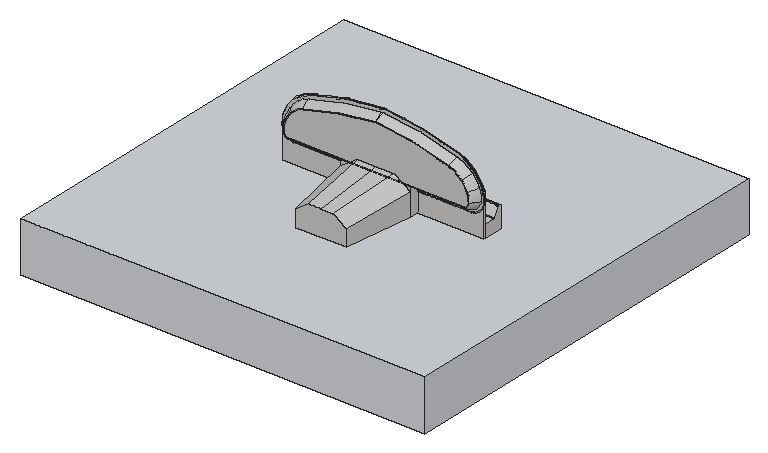
Revit family
Parameters (values of type "3403-1")
  Waste Connection = yes
  WFU = 0
  Vent Connection = no
  VP - Vinylclad Housing Color: Black (Standard), Gray, White = no
  URL = "http://www.acorneng.com/"
  Type Comments = ""
  ST - Single Temperature Valve = no
  SPX - 16 Gage Stainless Steel Housing = no
  SO-BAT- Sensor Operation (Batteries Not Included) = no
  SO - Sensor Operation = no
  Revised Date = "12/06/2014"
  Phone# = "626-336-4561"
  PPZ - Programmable Piezo Push button Electronic Metering = no
  Model = "3403-1"
  Material = Stainless Steel
  Manufacturer = "Acorn "
  JH31 - 31" Junior Rim Height = no
  HWFU = 0
  HW Connection = yes
  HB - Hose Bibb, Specify: Left Side, RIght Side (Not ADA Compliant.) = no
  H - Hand Operation = no
  EG - Enviro-Glaze Color, Bowl and Sprayhead (Specify) = no
  Designed By = "ATS"
  Description = "Wash-Ware 3403 Elliptical 3 station"
  Default Elevation = 34"
  CWFU = 0
  CW Connection = yes
  Assembly Code = ""
  3403 - Elliptical, Three Station = yes
  1 - Off-Floor, Wall Outlet (1-1/2" OD Tail-Piece Provided Standard) = yes
Reference planes (in)
  plane 1 "Center (Front/Back)": y = 0
  plane 2: z = 0
  plane 3 "Center (Left/Right)": x = 0
  plane 4: x = 24
  plane 5: x = 6
  plane 6: x = -6
  plane 7: x = -24
  plane 8: y = -34
  plane 9: y = 4.5
  plane 10: z = 19.25
  plane 11: y = -18.74
  plane 12: x = 8.21875
  plane 13: x = -8.21875
  plane 14: x = 5.5
  plane 15: x = -4
  plane 16: x = 7.375
  plane 17: y = -5
  plane 18: x = -7.375
  plane 19: y = -15.5
Forms (in)
  Extrusion 1, solid
    sketch origin (0, 0, 0) x (1, 0, 0) y (0, 1, 0)
      loop
        line (-48, 48) -> (-48, -48) -> (48, -48) -> (48, 48) -> (-48, 48)
    from 0 to -12
  Extrusion 2, solid, material "Stainless Steel"
    sketch origin (0, 0, 0) x (1, 0, 0) y (0, 1, 0)
      loop
        line (-24, 4.5) -> (-24, 0) -> (24, 0) -> (24, 4.5) -> (-24, 4.5)
    from 0 to 0.66716
  Sweep 3, solid, material "Stainless Steel"
    path origin (0, -0.33045, 0) x (1, 0, 0) y (0, 0, 1)
      loop
        line (-20.84528, 4.66716) -> (20.84528, 4.66716)
        arc (20.84528, 4.66716) -> (23.03051, 5.54662) -> (23.9973, 7.69465) r 3.15458
        arc (23.9973, 7.69465) -> (23.89724, 9.2171) -> (23.4793, 10.68448) r 7.21548
        arc (23.4793, 10.68448) -> (22.76098, 12.09576) -> (21.80814, 13.36058) r 9.06989
        arc (21.80814, 13.36058) -> (20.01092, 14.89621) -> (17.87791, 15.91526) r 9.06989
        arc (17.87791, 15.91526) -> (9.12384, 18.15294) -> (0.15412, 19.24153) r 69.82865
        arc (0.15412, 19.24153) -> (0, 19.24585) -> (-0.15412, 19.24153) r 2.75217
        arc (-0.15412, 19.24153) -> (-9.12384, 18.15294) -> (-17.87791, 15.91526) r 69.82865
        arc (-17.87791, 15.91526) -> (-20.01092, 14.89621) -> (-21.80814, 13.36058) r 9.06989
        arc (-21.80814, 13.36058) -> (-22.76098, 12.09576) -> (-23.4793, 10.68448) r 9.06989
        arc (-23.4793, 10.68448) -> (-23.89724, 9.2171) -> (-23.9973, 7.69465) r 7.21548
        arc (-23.9973, 7.69465) -> (-23.03051, 5.54662) -> (-20.84528, 4.66716) r 3.15458
    profile origin (0, -0.33045, 4.66716) x (0, 0, 1) y (0, -1, 0)
      loop
        arc (0.03882, 0) -> (0.01137, -0.01137) -> (0, -0.03882) r 0.03882
        line (0, -0.03882) -> (0, -0.28094)
        arc (0, -0.28094) -> (0.0145, -0.31595) -> (0.04951, -0.33045) r 0.04951
        line (0.04951, -0.33045) -> (0.91082, -0.33045)
        arc (0.91082, -0.33045) -> (1.36648, 0.80784) -> (2.05536, 1.82211) r 5.69126
        line (2.05536, 1.82211) -> (2.05536, 2.15256) -> (1.90814, 2.15256)
        arc (1.90814, 2.15256) -> (1.21926, 1.13828) -> (0.7636, 0) r 5.69126
        line (0.7636, 0) -> (0.03882, 0)
  Extrusion 4, solid, material "Stainless Steel"
    sketch origin (0, -0.33045, 0) x (1, 0, 0) y (0, 0, 1)
      loop
        arc (-20.83329, 4.66716) -> (-23.0283, 5.57636) -> (-23.9375, 7.7719) r 3.10421
        line (-23.9375, 7.7719) -> (-23.9375, 0) -> (0, 0) -> (23.9375, 0) -> (23.9375, 7.77137)
        arc (23.9375, 7.77137) -> (23.0283, 5.57636) -> (20.83329, 4.66716) r 3.10421
        line (20.83329, 4.66716) -> (0, 4.66716) -> (-20.83329, 4.66716)
    from -0.33045 to 0
  Blend 5, solid, material "Stainless Steel"
    base sketch origin (0, 0, -0.66716) x (1, 0, 0) y (0, 0, 1)
      loop
        line (8.21875, 0.66716) -> (8.21875, 6.03279) -> (4.25572, 8.60641) -> (0, 8.60641) -> (-4.25572, 8.60641) -> (-8.21875, 6.03279) -> (-8.21875, 0.66716) -> (8.21875, 0.66716)
    top sketch origin (0, 0, -0.66716) x (1, 0, 0) y (0, 0, 1)
      loop
        line (6, 0.66716) -> (6, 4.66716) -> (2.88479, 6.77622) -> (0, 6.77622) -> (-2.88479, 6.77622) -> (-6, 4.66716) -> (-6, 0.66716) -> (6, 0.66716)
    from 2.48182 to 18.74
  Extrusion 6, solid, material "Stainless Steel"
    sketch origin (0, 0, 0) x (1, 0, 0) y (0, 0, 1)
      loop
        line (-20.84528, 6.72252) -> (20.84528, 6.72252)
        arc (20.84528, 6.72252) -> (21.60673, 7.02897) -> (21.94361, 7.77745) r 1.09922
        arc (21.94361, 7.77745) -> (21.87205, 8.86623) -> (21.57316, 9.91562) r 5.16012
        arc (21.57316, 9.91562) -> (19.85542, 12.41837) -> (17.24113, 13.96103) r 7.01453
        arc (17.24113, 13.96103) -> (8.72552, 16.13645) -> (0, 17.19157) r 67.77329
        arc (0, 17.19157) -> (-8.72552, 16.13645) -> (-17.24113, 13.96103) r 67.77329
        arc (-17.24113, 13.96103) -> (-19.85542, 12.41837) -> (-21.57316, 9.91562) r 7.01453
        arc (-21.57316, 9.91562) -> (-21.87205, 8.86623) -> (-21.94361, 7.77745) r 5.16012
        arc (-21.94361, 7.77745) -> (-21.60673, 7.02897) -> (-20.84528, 6.72252) r 1.09922
    from 2.15256 to 2.48301
  Extrusion 7, void
    sketch origin (0, 0, -0.4375) x (1, 0, 0) y (0, 0, 1)
      loop
        circle (0, 9.89592) r 0.75
    from 0 to 2.31905
  Sweep 8, solid, material "Stainless Steel"
    path origin (0, 0, 0) x (1, 0, 0) y (0, 0, 1)
      loop
        line (-24, 0.66716) -> (24, 0.66716)
    profile origin (0, 0, 0.66716) x (0, 0, 1) y (0, -1, 0)
      loop
        line (0, 0) -> (0, -4.5) -> (4.39399, -4.5)
        arc (4.39399, -4.5) -> (4.46895, -4.46895) -> (4.5, -4.39399) r 0.10601
        line (4.5, -4.39399) -> (4.5, -4.0914)
        arc (4.5, -4.0914) -> (4.47879, -4.01224) -> (4.42085, -3.9543) r 0.1583
        line (4.42085, -3.9543) -> (2.40883, -2.79266)
        arc (2.40883, -2.79266) -> (2.35474, -2.73857) -> (2.33494, -2.66468) r 0.14778
        line (2.33494, -2.66468) -> (2.33494, -0.31852) -> (2.33494, -0.1001)
        arc (2.33494, -0.1001) -> (2.36425, -0.02932) -> (2.43503, 0) r 0.1001
        line (2.43503, 0) -> (0, 0)
  Extrusion 9, solid, material "Stainless Steel"
    sketch origin (0, 0, 0) x (0, 1, 0) y (0, 0, 1)
      loop
        line (0, 0.66716) -> (-0.33045, 0.66716) -> (-0.33045, 5.43076)
        arc (-0.33045, 5.43076) -> (-1.46805, 5.88602) -> (-2.48182, 6.57428) r 5.69011
        line (-2.48182, 6.57428) -> (-2.48182, 0) -> (0, 0) -> (0, 0.66716)
    from -8.25032 to 8.22101
  Extrusion 10, void
    sketch origin (0, 0, 0) x (1, 0, 0) y (0, 1, 0)
      loop
        circle (5.5, -15.5) r 0.25
      loop
        circle (-5.5, -15.5) r 0.25
      loop
        circle (-7.375, -5) r 0.25
      loop
        circle (7.375, -5) r 0.25
    from -0.06303 to 0.12616
  Extrusion 11, solid
    sketch origin (0, 0, 0) x (1, 0, 0) y (0, 1, 0)
      loop
        circle (-0.73019, -9.52862) r 0.25
      loop
        circle (0.73019, -9.52862) r 0.25
    from -0.12255 to 0.12616
  Extrusion 12, solid
    sketch origin (0, 0, 0) x (1, 0, 0) y (0, 1, 0)
      loop
        circle (0, -5) r 0.75
    from -0.12255 to 0.66716
Cuts and joins
  Extrusion 7 cuts Sweep 3
  Extrusion 7, Extrusion 10 cuts Blend 5
  Extrusion 7 cuts Extrusion 6
  joined: Extrusion 2, Extrusion 4, Sweep 8
Dimensions and locks (in)
  plane 7 to plane 4 = 48"
  plane 6 to plane 5 = 12"
  plane 8 to plane 1 "Center (Front/Back)" = 34"
  plane 1 "Center (Front/Back)" to plane 9 = 4 1/2"
  plane 10 to plane 2 = 19 1/4"
  plane 9 to plane 11 = 23.24"
  plane 13 to plane 12 = 16 7/16"
  plane 3 "Center (Left/Right)" to plane 14 = 5 1/2"
  plane 18 to plane 3 "Center (Left/Right)" = 7 3/8"
  plane 19 to plane 8 = 18 1/2"
  plane 17 to plane 19 = 10 1/2"
  aligned and locked: plane 2 to Extrusion 1
  aligned and locked: level to Extrusion 1
Connectors (in)
  piping at (0, -5, -0.12255)
    settings: on Extrusion 12, index 1
  piping at (0.73019, -9.52862, -0.12255)
    settings: on Extrusion 11, index 2
  piping at (-0.73019, -9.52862, -0.12255)
    settings: on Extrusion 11, index 3
